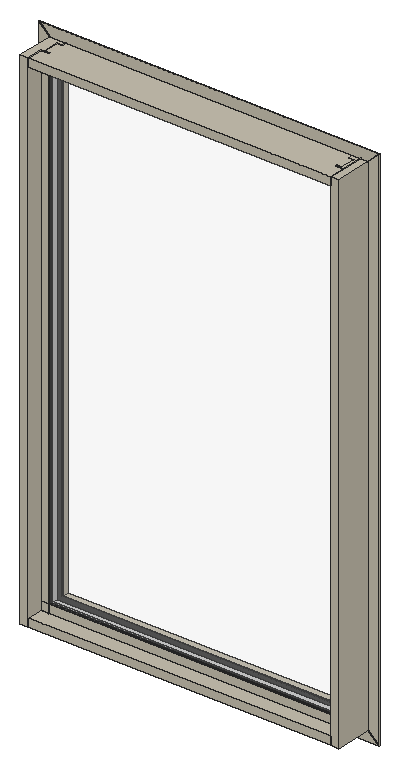
Revit family "55103611-c34e-4a15-a648-2332eebb6014", category Windows, host Wall, Revit 2014
Parameters (values of type "no data")
  glazingoffset [instance] = 0' - 0"  # constant formula
  glazingcl [instance] = 0' - 0"  # constant formula
  glasswidth [instance] = Unit Width - (0' 1" * 2)  # 2' - 4"
  glassheight [instance] = Unit Height - (0' 1" * 2)  # 3' - 10"
  Weatherstripping Color [instance] = Finish - WesternWindow - Black
  Water Penetration = "as Specified"
  Warranty Duration (Years) = 0
  WarmEdge Spacer Finish [instance] = Finish - WesternWindow - Clear Satin Anodized
  Visual Light Transmittance = VLT  # 0
  VLT = 0
  Unit Width [instance] = 2' - 6"
  Unit Height [instance] = 4' - 0"
  URL = "https://www.westernwindowsystems.com/"
  U = 1.0000 BTU/(h·ft²·°F)
  Thermal Resistance (R) = R  # 1.0000 (h·ft²·°F)/BTU
  Test Data = ""
  Standards Conformance = "as Specified"
  SpecWizard = ""
  Solar Heat Gain Coefficient = SHGC  # 0
  Show Nail Fin [instance] = yes
  STC Rating = 0
  SHGC = 0
  RO Spacing_Top = 0' - 0 1/4"
  RO Spacing_Sides = 0' - 0 1/4"
  RO Spacing_Bottom = 0' - 0"
  R = 1.0000 (h·ft²·°F)/BTU
  Operation = "Fixed Picture"
  Miami Dade Conformance = "as Specified"
  Meets Egress = "as Specified"
  Maximum Size = "as Specified"
  Installation-Fabrication = ""
  Structural Test Pressure = "as Specified"
  Specification = ""
  Sales Information = "https://www.westernwindowsystems.com/contact-us"
  Rough Width [instance] = Width + (RO Spacing_Sides * 2)  # 2' - 6 1/2"
  Rough Height [instance] = Height + (RO Spacing_Top + RO Spacing_Bottom)  # 4' - 0 1/4"
  Product Properties = ""
  Product Data = "http://www.arcat.com/arcatcos/cos45/arc45818.html"
  Model = "no data"
  Manufacturer Website = "https://www.westernwindowsystems.com/"
  Manufacturer Phone - Toll Free = ""
  Manufacturer Phone = "602-268-1300"
  Manufacturer Fax = "602-243-3119"
  Manufacturer Address = "5621 S. 25th St.  Phoenix, AZ 85040"
  Manufacturer = "Western Window Systems"
  Maintenance Schedule (Months) = 0
  Keynote = "as Specified"
  Installation Phase = ""
  Inset from Exterior Wall [instance] = 0' - 0"
  Height [instance] = Unit Height  # 4' - 0"
  Heat Transfer Coefficient (U) = U  # 5.6783 W/(m²·K)
  Hardware Finish [instance] = none
  Green Building-LEED = ""
  Glazing Type [instance] = "as Specified"
  Glazing Tint [instance] = Glazing - Clear
  Glazing Thickness = 0' - 0 7/8"
  Glazing Configuration [instance] = "as Specified"
  Frame Mounting Setback = 0' - 1"
  Frame Finish [instance] = Finish - WesternWindow - Warmtone
  Frame Design_Nail Fin = yes
  Frame Depth = 0' - 4 1/2"  # constant formula
  Forced Entry Rating = "as Specified"
  Expected Lifespan (Years) = 0
  Drawn By = "Sumex Design, Inc. / Robert S. Weygant, CSI, CDT, SCIP"
  Description = "Western Window Aluminum Fixed Window - Series 600 Direct Set as Specified"
  Wall Closure = By host
  Width [instance] = Unit Width  # 2' - 6"
  Daylight Opening Width [instance] = Unit Width - (0' 1 1/2" * 2)  # 2' - 3"
  Daylight Opening Height [instance] = Unit Height - (0' 1 1/2" * 2)  # 3' - 9"
  Copyright = "©Arcat Inc."
  Construction Details = ""
  Assembly Code = ""
  Analytic Construction = "<None>"
  Air Infiltration = "as Specified"
  AAMA Designation = "as Specified"
Reference planes (in)
  plane 1 "Center (Front/Back)": y = 0.6426
  plane 2: z = 0
  plane 3 "CENTER RL": x = 0.75
  plane 4 "RO RIGHT": x = -14.5
  plane 5 "RO LEFT": x = 16
  plane 6 "RO BOTTOM": z = 23.875
  plane 7 "FRAME TOP": z = 71.875
  plane 8 "CENTER ELEVATION": z = 47.875
  plane 9 "FRAME LEFT": x = 15.75
  plane 10 "FRAME R": x = -14.25
  plane 11 "SILL": z = 23.875
  plane 12 "EXT WALL": y = 3.6426
  plane 13 "RO TOP": z = 72.125
  plane 14 "INT WALL": y = -2.3574
  plane 15: y = 4.6426
  plane 16: y = 0.1426
  plane 17: y = 3.6426
  plane 18: y = 0.1426
Forms (in)
  Extrusion 1, solid, material "Finish - WesternWindow - Warmtone" <- "Frame Finish", visible <- "Show Nail Fin"
    sketch origin (-19.69941, 4.6426, 48) x (-1, 0, 0) y (0, 0, 1)
      loop
        line (-5.44941, 23.875) -> (-4.44941, 24.875) -> (-36.44941, 24.875) -> (-35.44941, 23.875) -> (-5.44941, 23.875)
    from -0.9375 to -1
  Extrusion 2, solid, material "Finish - WesternWindow - Warmtone" <- "Frame Finish", visible <- "Show Nail Fin"
    sketch origin (-19.69941, 4.6426, 48) x (-1, 0, 0) y (0, 0, 1)
      loop
        line (-5.44941, -24.125) -> (-35.44941, -24.125) -> (-36.44941, -25.125) -> (-4.44941, -25.125) -> (-5.44941, -24.125)
    from -0.9375 to -1
  Extrusion 3, solid, material "Finish - WesternWindow - Warmtone" <- "Frame Finish", visible <- "Show Nail Fin"
    sketch origin (-19.69941, 4.6426, 48) x (-1, 0, 0) y (0, 0, 1)
      loop
        line (-4.44941, 24.875) -> (-5.44941, 23.875) -> (-5.44941, -24.125) -> (-4.44941, -25.125) -> (-4.44941, 24.875)
      loop
        line (-36.44941, 24.875) -> (-36.44941, -25.125) -> (-35.44941, -24.125) -> (-35.44941, 23.875) -> (-36.44941, 24.875)
    from -0.9375 to -1
Lines and regions (in)
  Opening 1
    outline origin (-60, -2.3574, 0) x (1, 0, 0) y (0, 0, 1)
      loop
        line (45.5, 72.125) -> (45.5, 23.875) -> (76, 23.875) -> (76, 72.125) -> (45.5, 72.125)
Text (in)
  text "EXTERIOR" at (-86.77914, 11.17749, 0), in view "Plan View"
  text "INTERIOR" at (-86.77914, -6.09899, 0), in view "Plan View"
  text "Exterior" at (0, 43.65631, 123.19604), in view "Left"
  text "Exterior" at (0, 18.29385, 125.04747), in view "Right"
Dimensions and locks (in)
  equal spacing: plane 4 "RO RIGHT", plane 3 "CENTER RL", plane 5 "RO LEFT"
  "Width": plane 10 "FRAME R" to plane 9 "FRAME LEFT"
  equal spacing: plane 7 "FRAME TOP", plane 8 "CENTER ELEVATION", plane 6 "RO BOTTOM"
  "RO Spacing_Sides": plane 5 "RO LEFT" to plane 9 "FRAME LEFT"
  "RO Spacing_Sides": plane 4 "RO RIGHT" to plane 10 "FRAME R"
  "RO Spacing_Top": plane 7 "FRAME TOP" to plane 13 "RO TOP"
  "RO Spacing_Bottom": plane 6 "RO BOTTOM" to plane 11 "SILL"
  "Height": plane 11 "SILL" to plane 7 "FRAME TOP"
  "Frame Depth": plane 15 to plane 16
  "Frame Mounting Setback": plane 15 to plane 17
  "Inset from Exterior Wall": plane 17 to plane 12 "EXT WALL"
  "glazingcl": plane 18 to plane 16
  locked: Extrusion 1 sketch curve to plane 10 "FRAME R" at 1
  locked: Extrusion 1 sketch curve to plane 9 "FRAME LEFT" at 1
  locked: Extrusion 1 sketch curve to plane 7 "FRAME TOP" at 1
  locked: Extrusion 2 sketch curve to plane 10 "FRAME R" at 1
  locked: Extrusion 2 sketch curve to plane 9 "FRAME LEFT" at 1
  locked: plane 11 "SILL" to Extrusion 2 sketch curve at 1
  locked: Extrusion 3 sketch curve to plane 7 "FRAME TOP" at 1  (x2)
  locked: plane 11 "SILL" to Extrusion 3 sketch curve at 1  (x2)
  locked: Extrusion 3 sketch curve to plane 10 "FRAME R" at 1
  locked: Extrusion 3 sketch curve to plane 9 "FRAME LEFT" at 1
  aligned and locked: plane 6 "RO BOTTOM" to Opening 1 sketch curve  (x2)
  aligned and locked: plane 5 "RO LEFT" to Opening 1 sketch curve
  aligned and locked: plane 4 "RO RIGHT" to Opening 1 sketch curve
  aligned and locked: level to plane 2
  aligned and locked: plane 1 "Center (Front/Back)" to host wall
  aligned and locked: plane 12 "EXT WALL" to host wall
  aligned and locked: Opening 1 sketch curve to plane 13 "RO TOP"
  aligned and locked: plane 14 "INT WALL" to host wall
  aligned and locked: nested 1 to plane 16
  aligned and locked: plane 3 "CENTER RL" to nested 1
  aligned and locked: Extrusion 1 sketch curve to plane 7 "FRAME TOP"
  aligned and locked: plane 11 "SILL" to Extrusion 2 sketch curve
  aligned and locked: plane 9 "FRAME LEFT" to Extrusion 3 sketch curve
  aligned and locked: Extrusion 3 sketch curve to plane 10 "FRAME R"
Automatic sketch dimensions
  Extrusion 1 sketch curve to plane 9 "FRAME LEFT" = 0' - 0"
  plane 10 "FRAME R" to Extrusion 1 sketch curve = 0' - 0"
  Extrusion 2 sketch curve to plane 9 "FRAME LEFT" = 0' - 0"
  plane 10 "FRAME R" to Extrusion 2 sketch curve = 0' - 0"
  Extrusion 3 sketch curve to plane 6 "RO BOTTOM" = 0' - 0"  (x2)
  Extrusion 3 sketch curve to plane 7 "FRAME TOP" = 0' - 0"  (x2)
Nested families (in)
  nested 1: "600DirectSet" at (0.75, 0.1426, 23.875), width <- "Unit Width", height <- "Unit Height", weatherstripping color <- "Weatherstripping Color", warm edge spacer color <- "WarmEdge Spacer Finish", glazing <- "Glazing Tint", frame <- "Frame Finish", type "600DirectSet"
    with width 2' - 6", weatherstripping color Finish - WesternWindow - Black, warm edge spacer color Finish - WesternWindow - Clear Satin Anodized, height 4' - 0", glazing Glazing - Clear, frame Finish - WesternWindow - Warmtone
Definition of nested family "600DirectSet"
  Parameters (values of type "600DirectSet")
    width [instance] = 5' - 0"
    weatherstripping color [instance] = none
    warm edge spacer color [instance] = none
    height [instance] = 5' - 0"
    glazing [instance] = none
    frame [instance] = none
    Default Elevation = 4' - 0"
  Reference planes (in)
    plane 1 "Center (Front/Back)": y = 0
    plane 2: z = 0
    plane 3 "Center (Left/Right)": x = 0
    plane 4: x = -30
    plane 5: x = 30
    plane 6: z = 60
    plane 7: z = 67.23424
  Forms (in)
    Sweep 1, solid, material <- "frame"
      path origin (0, 0, 0) x (1, 0, 0) y (0, 0, 1)
        loop
          line (-30, 60) -> (-30, 0)
      profile origin (-30, 0, 30) x (0, -1, 0) y (1, 0, 0)
        loop
          line (0, 0) -> (0, 0.75) -> (-1.5, 0.75) -> (-1.5, 1.5) -> (-1.65625, 1.5) -> (-1.65625, 1) -> (-3.0625, 1) -> (-3.0625, 1.5) -> (-3.75, 1.5) -> (-3.75, 0.75) -> (-4.5, 0.75) -> (-4.5, 0) -> (0, 0)
    Sweep 2, solid, material <- "frame"
      path origin (0, 0, 0) x (-1, 0, 0) y (0, 0, 1)
        loop
          line (-30, 60) -> (-30, 0)
      profile origin (30, 0, 30) x (0, -1, 0) y (1, 0, 0)
        loop
          line (0, 0) -> (-4.5, 0) -> (-4.5, -0.75) -> (-3.75, -0.75) -> (-3.75, -1.5) -> (-3.0625, -1.5) -> (-3.0625, -1) -> (-1.65625, -1) -> (-1.65625, -1.5) -> (-1.5, -1.5) -> (-1.5, -0.75) -> (0, -0.75) -> (0, 0)
    Sweep 3, solid, material <- "frame"
      path origin (0, 0, 0) x (1, 0, 0) y (0, 0, 1)
        loop
          line (-29.25, 0) -> (29.25, 0)
      profile origin (0, 0, 0) x (0, 0, 1) y (0, -1, 0)
        loop
          line (0, 0) -> (0, -4.5) -> (0.75, -4.5) -> (0.75, -3.75) -> (1.5, -3.75) -> (1.5, -3.0625) -> (1, -3.0625) -> (1, -1.65625) -> (1.5, -1.65625) -> (1.5, -1.5) -> (0.75, -1.5) -> (0.75, 0) -> (0, 0)
    Sweep 4, solid, material <- "frame"
      path origin (0, 0, 60) x (1, 0, 0) y (0, 0, 1)
        loop
          line (-29.25, 0) -> (29.25, 0)
      profile origin (0, 0, 60) x (0, 0, 1) y (0, -1, 0)
        loop
          line (0, 0) -> (-0.75, 0) -> (-0.75, -1.5) -> (-1.5, -1.5) -> (-1.5, -1.65625) -> (-1, -1.65625) -> (-1, -3.0625) -> (-1.5, -3.0625) -> (-1.5, -3.75) -> (-0.75, -3.75) -> (-0.75, -4.5) -> (0, -4.5) -> (0, 0)
    Sweep 5, solid, material <- "weatherstripping color"
      path origin (0, 0, 0) x (1, 0, 0) y (0, 0, 1)
        loop
          line (-30, 60) -> (-30, 0) -> (30, 0) -> (30, 60) -> (-30, 60)
      profile origin (0, 0, 60) x (0, 0, 1) y (0, -1, 0)
        loop
          line (-1.5, -1.65625) -> (-1.5, -1.8125) -> (-1, -1.8125) -> (-1, -1.65625) -> (-1.5, -1.65625)
        loop
          line (-1, -3.0625) -> (-1, -2.6875) -> (-1.75, -2.6875) -> (-1.75, -2.75) -> (-1.64844, -2.75) -> (-1.5625, -2.83594) -> (-1.5625, -3.0625) -> (-1, -3.0625)
    Extrusion 6, solid, material <- "glazing"
      sketch origin (0, 0, 0) x (1, 0, 0) y (0, 0, 1)
        loop
          line (-29, 59) -> (-29, 1) -> (29, 1) -> (29, 59) -> (-29, 59)
      from -2.6875 to -1.8125
    Sweep 7, solid, material <- "warm edge spacer color"
      path origin (0, 0, 0) x (1, 0, 0) y (0, 0, 1)
        loop
          line (-30, 60) -> (-30, 0) -> (30, 0) -> (30, 60) -> (-30, 60)
      profile origin (0, 0, 60) x (0, 0, 1) y (0, -1, 0)
        loop
          line (-1, -2.5) -> (-1, -2) -> (-1.4375, -2) -> (-1.4375, -2.5) -> (-1, -2.5)
  Dimensions and locks (in)
    equal spacing: plane 4, plane 3 "Center (Left/Right)", plane 5
    "width": plane 4 to plane 5
    "height": plane 6 to level
    locked: Sweep 3 sketch curve to plane 4 at 0.75
    locked: plane 5 to Sweep 3 sketch curve at 0.75
    locked: plane 5 to Sweep 4 sketch curve at 0.75
    locked: Sweep 4 sketch curve to plane 4 at 0.75
    locked: plane 5 to Extrusion 6 sketch curve at 1
    locked: plane 6 to Extrusion 6 sketch curve at 1
    locked: Extrusion 6 sketch curve to plane 4 at 1
    locked: Extrusion 6 sketch curve to level at 1
    aligned and locked: plane 2 to level
    aligned and locked: Sweep 1 sketch curve to plane 4
    aligned and locked: plane 6 to Sweep 1 sketch curve
    aligned and locked: plane 6 to Sweep 2 sketch curve
    aligned and locked: Sweep 2 sketch curve to plane 5
    aligned and locked: Sweep 4 sketch curve to plane 6
    aligned and locked: Sweep 5 sketch curve to Sweep 1  (x2)
    aligned and locked: Sweep 5 sketch curve to Sweep 2  (x2)
    aligned and locked: Sweep 7 sketch curve to Sweep 1  (x2)
    aligned and locked: Sweep 7 sketch curve to Sweep 2  (x2)
  Automatic sketch dimensions
    Sweep 1 sketch curve to level = 0' - 0"
    Sweep 1 sketch curve to profile plane = 0' - 0"
    Sweep 1 sketch curve to plane 1 "Center (Front/Back)" = 0' - 4 1/2"
    Sweep 1 sketch curve to Sweep 1 sketch curve = 0' - 0 3/4"
    Sweep 1 sketch curve to Sweep 1 sketch curve = 0' - 0 11/16"
    Sweep 1 sketch curve to plane 1 "Center (Front/Back)" = 0' - 1 21/32"
    Sweep 1 sketch curve to Sweep 1 sketch curve = 0' - 0 5/32"
    Sweep 1 sketch curve to profile plane = 0' - 0 3/4"  (x2)
    Sweep 1 sketch curve to Sweep 1 sketch curve = 0' - 1 1/2"
    Sweep 1 sketch curve to Sweep 1 sketch curve = 0' - 0 1/4"
    Sweep 1 sketch curve to Sweep 1 sketch curve = 0' - 0 1/2"  (x2)
    Sweep 2 sketch curve to level = 0' - 0"
    Sweep 2 sketch curve to profile plane = 0' - 0"
    Sweep 2 sketch curve to plane 1 "Center (Front/Back)" = 0' - 4 1/2"
    Sweep 2 sketch curve to Sweep 2 sketch curve = 0' - 0 3/4"
    Sweep 2 sketch curve to Sweep 2 sketch curve = 0' - 0 11/16"
    Sweep 2 sketch curve to plane 1 "Center (Front/Back)" = 0' - 1 21/32"
    Sweep 2 sketch curve to Sweep 2 sketch curve = 0' - 0 5/32"
    profile plane to Sweep 2 sketch curve = 0' - 0 3/4"
    Sweep 2 sketch curve to Sweep 2 sketch curve = 0' - 1 1/2"
    profile plane to Sweep 2 sketch curve = 0' - 1"
    Sweep 2 sketch curve to Sweep 2 sketch curve = 0' - 0 1/2"  (x2)
    Sweep 2 sketch curve to Sweep 2 sketch curve = 0' - 0 1/4"
    Sweep 3 sketch curve to level = 0' - 0"
    profile plane to Sweep 3 sketch curve = 0' - 0"
    Sweep 3 sketch curve to profile plane = 0' - 0 3/4"  (x2)
    Sweep 3 sketch curve to Sweep 3 sketch curve = 0' - 0 1/4"
    Sweep 3 sketch curve to Sweep 3 sketch curve = 0' - 0 1/2"  (x2)
    Sweep 3 sketch curve to plane 1 "Center (Front/Back)" = 0' - 4 1/2"
    Sweep 3 sketch curve to Sweep 3 sketch curve = 0' - 0 3/4"
    Sweep 3 sketch curve to Sweep 3 sketch curve = 0' - 0 11/16"
    Sweep 3 sketch curve to plane 1 "Center (Front/Back)" = 0' - 1 21/32"
    Sweep 3 sketch curve to Sweep 3 sketch curve = 0' - 0 5/32"
    Sweep 3 sketch curve to Sweep 3 sketch curve = 0' - 1 1/2"
    profile plane to Sweep 4 sketch curve = 0' - 0"
    profile plane to Sweep 4 sketch curve = 0' - 0 3/4"  (x2)
    Sweep 4 sketch curve to Sweep 4 sketch curve = 0' - 0 1/4"
    Sweep 4 sketch curve to Sweep 4 sketch curve = 0' - 0 1/2"
    Sweep 4 sketch curve to Sweep 4 sketch curve = 0' - 0 3/4"  (x2)
    Sweep 4 sketch curve to plane 1 "Center (Front/Back)" = 0' - 4 1/2"
    Sweep 4 sketch curve to Sweep 4 sketch curve = 0' - 0 11/16"
    Sweep 4 sketch curve to plane 1 "Center (Front/Back)" = 0' - 1 21/32"
    Sweep 4 sketch curve to Sweep 4 sketch curve = 0' - 0 5/32"
    Sweep 4 sketch curve to Sweep 4 sketch curve = 0' - 1 1/2"
    Sweep 5 sketch curve to plane 1 "Center (Front/Back)" = 0' - 2 3/4"
    profile plane to Sweep 5 sketch curve = 0' - 1 3/4"
    Sweep 5 sketch curve to Sweep 5 sketch curve = 0' - 0 11/128"  (x2)
    Sweep 5 sketch curve to plane 1 "Center (Front/Back)" = 0' - 1 13/16"
    Sweep 5 sketch curve to Sweep 5 sketch curve = 0' - 0 13/128"
    Sweep 5 sketch curve to Sweep 5 sketch curve = 0' - 0 1/2"
    Sweep 5 sketch curve to Sweep 5 sketch curve = 0' - 0 29/128"
    Sweep 5 sketch curve to Sweep 5 sketch curve = 0' - 0 1/16"
    Sweep 5 sketch curve to Sweep 5 sketch curve = 0' - 0 5/32"
    Sweep 5 sketch curve to Sweep 5 sketch curve = 0' - 0 9/16"
    Sweep 5 sketch curve to Sweep 5 sketch curve = 0' - 0 1/4"
    Sweep 7 sketch curve to plane 1 "Center (Front/Back)" = 0' - 2"
    profile plane to Sweep 7 sketch curve = 0' - 1 7/16"
    Sweep 7 sketch curve to Sweep 7 sketch curve = 0' - 0 7/16"
    Sweep 7 sketch curve to plane 1 "Center (Front/Back)" = 0' - 2 1/2"
